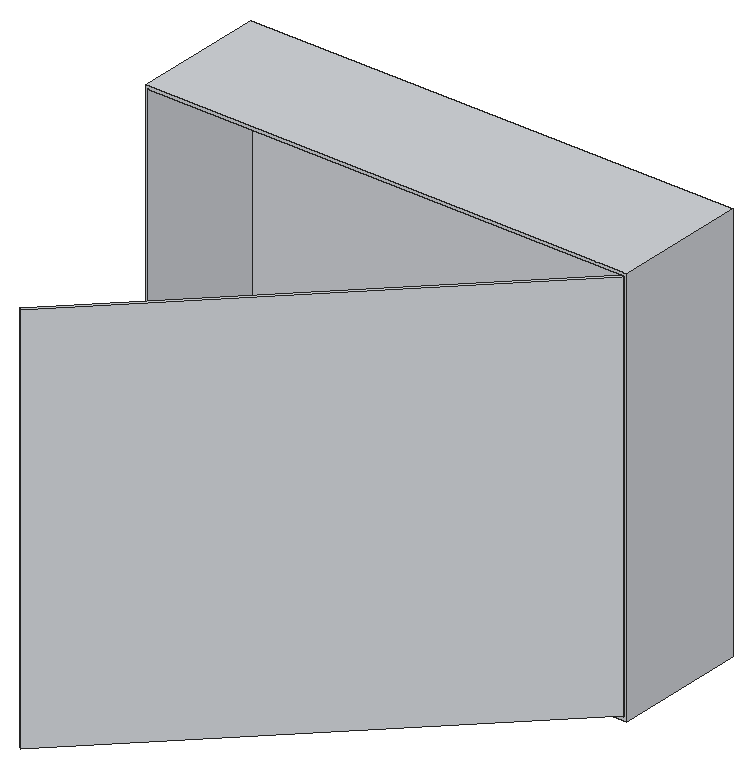
Revit family "Hager-Univers-IP41-vide-Saillie-NoHosted-CH-fr", category Electrical Equipment, Revit 2020
Family settings
  Panel Configuration = Two Columns, Circuits Across
  Round Connector Dimension = Use Diameter
  Part Type = Panelboard
  Work Plane-Based = Yes
  Always vertical = Yes
  Cut with Voids When Loaded = No
  Shared = No
  Room Calculation Point = No
Parameters (values of type "Saillie IP41 L540 H450 P148 0 Modules - FB3008SN")
  Width Control [instance] = if([HG000006 - Encastré], if([EF000846 - largeur d'encastrement] > min_whd, [EF000846 - largeur d'encastrement], min_whd), if([EF000008 - largeur] > min_whd, ([EF000008 - largeur]), min_whd))  # 540 mm
  Void Depth [instance] = if([EF000218 - profondeur d'encastrement] > 1 mm, [EF000218 - profondeur d'encastrement], 1 mm)  # 84 mm
  Type Comments = [HG000003 - Gamme]  # "Univers"
  System Height [instance] = Height Control - 2 * [HG000005 - Epaisseur]  # 444 mm
  Panel Name [instance] = ""  # (empty or 0)
  Offset [instance] = 0 mm
  Model = [HG000004 - Référence fabricant]  # "FB3008SN"
  Level Offset [instance] = [Flush Mounted - Door Frame Width] + Offset  # 0 mm
  HG000017 - Distance entre pôles = 18 mm
  HG000016 - Visibilité de la porte 3D [instance] = yes
  HG000015 - Visibilité de l'emprise de la porte [instance] = no
  HG000014 - Porte à droite [instance] = yes
  HG000013 - Porte à gauche [instance] = not([HG000014 - Porte à droite])  # no
  HG000012 - Angle de pivotement de la porte [instance] = 45.00°
  HG000011 - Rangées du bas vides = no
  HG000010 - Portes asymétriques = no
  HG000009 - Porte à double battant = no
  HG000008 - Nombre de rangées vides = 0
  HG000007 - Nombre de colonnes vides = 0
  HG000006 - Encastré = no
  HG000005 - Epaisseur = 3 mm  # constant formula
  HG000004 - Référence fabricant = "FB3008SN"
  HG000003 - Gamme = "Univers"
  HG000002 - avec porte = yes
  HG000001 - nombre de colonnes = 0
  EF015941 - porte pour transmission du signal = no
  EF015777 - borne à conducteur neutre = no
  EF015776 - borne de mise à la terre = no
  EF009212 - finition du couvercle = "EV000116 - fermé"
  EF006306 - avec serrure = no
  EF006244 - couvercle/porte transparent(e) = no
  EF005474 - indice de protection (IP) = "EV006416 - IP41"
  EF004462 - type de fermeture = ""
  EF002950 - largeur en nombre de modules = 0
  EF001596 - matériau du boîtier/corps = "EV000154 - autre"
  EF001134 - rail DIN = no
  EF001131 - profondeur intérieure = 84 mm
  EF001088 - possibilité de montage en saillie = no
  EF001062 - finition CEM = no
  EF000846 - largeur d'encastrement = 300 mm
  EF000339 - type de capot = "EV004216 - porte"
  EF000332 - hauteur d'encastrement = 0 mm
  EF000266 - nombre de rangées = 0
  EF000218 - profondeur d'encastrement = 84 mm
  EF000118 - avec cadre/support de montage = no
  EF000116 - numéro RAL = "9010"
  EF000049 - profondeur = 148 mm
  EF000040 - hauteur = 450 mm
  EF000008 - largeur = 540 mm
  EF000007 - couleur = "EV000202 - blanc"
  EF000003 - mode de pose = "EV000384 - saillie"
  Description = ""
  Default Elevation = 1219.2 mm
  Arrow Offset [instance] = Depth Control / 8  # 18.5 mm
  Arrow Height [instance] = Depth Control - Arrow Offset  # 129.5 mm
  Host Offset [instance] = if([HG000006 - Encastré], 0 mm, [EF000049 - profondeur])  # 148 mm
  min_whd [instance] = (2 * [HG000005 - Epaisseur]) + 1 mm  # 7 mm
  Manufacturer = "Hager"  # constant formula
  Height Control [instance] = if([HG000006 - Encastré], if([EF000332 - hauteur d'encastrement] > min_whd, [EF000332 - hauteur d'encastrement], min_whd), if([EF000040 - hauteur] > min_whd, ([EF000040 - hauteur]), min_whd))  # 450 mm
  Flush Mounted - Door Frame Width [instance] = if(([EF000040 - hauteur] - [EF000332 - hauteur d'encastrement]) > 0 mm, if([HG000006 - Encastré], [EF000040 - hauteur] - [EF000332 - hauteur d'encastrement], 0 mm), 0 mm)  # 0 mm
  Depth Control [instance] = if([HG000006 - Encastré], if([EF000218 - profondeur d'encastrement] > 0 mm, [EF000218 - profondeur d'encastrement], 1 mm), if([EF000049 - profondeur] > 0 mm, ([EF000049 - profondeur]), 1 mm))  # 148 mm
Types (3, lengths in mm): name | Width Control | System Height | Model | HG000004 - Référence fabricant | EF004462 - type de fermeture | EF000846 - largeur d'encastrement | EF000049 - profondeur | EF000040 - hauteur | EF000008 - largeur | Arrow Offset | Arrow Height | Host Offset | Height Control | Depth Control
  Saillie IP41 L350 H350 P128 0 Modules - FB2008LN | 350 | 344 | "FB2008LN" | "FB2008LN" | "EV000154 - autre" | 200 | 128 | 350 | 350 | 16 | 112 | 128 | 350 | 128
  Saillie IP41 L450 H450 P128 0 Modules - FB3008LN | 450 | 444 | "FB3008LN" | "FB3008LN" | "EV000154 - autre" | 300 | 128 | 450 | 450 | 16 | 112 | 128 | 450 | 128
  Saillie IP41 L540 H450 P148 0 Modules - FB3008SN | 540 | 444 | "FB3008SN" | "FB3008SN" | "" | 300 | 148 | 450 | 540 | 18.5 | 129.5 | 148 | 450 | 148
Reference planes
  plane 1 "Center (Front/Back)": y = 0
  plane 2: z = 0
  plane 3 "Center (Left/Right)": x = 0
  plane 4: y = 3
  plane 5: y = 0
  plane 6: y = 0
  plane 7: z = 0
  plane 8: x = -270
  plane 9: x = 270
  plane 10: x = 267
  plane 11: x = -267
  plane 12: z = 0
  plane 13: z = 3
  plane 14: y = -143
  plane 15: y = -148
  plane 16: y = -3
  plane 17: z = 447
  plane 18: z = 450
  plane 19: z = 225
  plane 20: x = 0
  plane 21: y = -100
Forms (mm)
  Extrusion 1, solid
    sketch origin (-208.679, -4572, 0) x (-1, 0, 0) y (0, -1, 0)
      loop
        line (61.321, -4424) -> (-478.679, -4424) -> (-478.679, -4572) -> (61.321, -4572) -> (61.321, -4424)
    from 0 to 450 <- "Height Control"
  Extrusion 2, void
    sketch origin (-350.771, -148, 1219.2) x (1, 0, 0) y (0, 0, 1)
      loop
        line (83.771, -772.2) -> (83.771, -1216.2) -> (617.771, -1216.2) -> (617.771, -772.2) -> (83.771, -772.2)
    from 0 to -145
  Extrusion 3, solid, detail levels coarse+medium
    sketch origin (-350.771, -148, 1219.2) x (-1, 0, 0) y (0, 0, 1)
      loop
        line (-83.771, -772.2) -> (-617.771, -772.2) -> (-617.771, -1216.2) -> (-83.771, -1216.2) -> (-83.771, -772.2)
    from 0 to 3 <- "HG000005 - Epaisseur"
Cuts and joins
  Extrusion 2 cuts Extrusion 1
Dimensions and locks
  "Flush Mounted - Door Frame Width": plane 1 "Center (Front/Back)" to plane 6
  "HG000005 - Epaisseur": plane 4 to plane 6
  "HG000005 - Epaisseur": plane 8 to plane 11
  "HG000005 - Epaisseur": plane 9 to plane 10
  equal spacing: plane 8, plane 3 "Center (Left/Right)", plane 9
  "Width Control": plane 8 to plane 9
  locked: plane 14 to plane 15 at 5
  "Host Offset": plane 1 "Center (Front/Back)" to plane 15
  "Depth Control": plane 5 to plane 15
  "HG000005 - Epaisseur": plane 5 to plane 16
  "HG000005 - Epaisseur": plane 13 to plane 12
  "Level Offset": plane 12 to level
  "HG000005 - Epaisseur": plane 18 to plane 17
  "Height Control": plane 18 to plane 12
  "Arrow Offset": plane 5 to nested 4
  equal spacing: plane 18, plane 19, plane 12
  locked: connector elem to plane 19
  locked: connector elem to plane 3 "Center (Left/Right)"
  aligned and locked: nested 1 to plane 14
  aligned and locked: plane 3 "Center (Left/Right)" to nested 1
  aligned and locked: plane 3 "Center (Left/Right)" to nested 2
  aligned and locked: nested 2 to plane 15
  aligned and locked: plane 5 to Extrusion 1
  aligned and locked: Extrusion 3 sketch curve to plane 17
  aligned and locked: Extrusion 3 sketch curve to plane 11
  aligned and locked: Extrusion 3 sketch curve to plane 13
  aligned and locked: Extrusion 3 sketch curve to plane 10
  aligned and locked: Extrusion 2 sketch curve to plane 13
  aligned and locked: Extrusion 2 sketch curve to plane 10
  aligned and locked: Extrusion 2 sketch curve to plane 17
  aligned and locked: Extrusion 2 sketch curve to plane 11
  aligned and locked: plane 16 to Extrusion 2
  aligned and locked: plane 5 to Extrusion 1 sketch curve
  aligned and locked: plane 9 to Extrusion 1 sketch curve
  aligned and locked: plane 8 to Extrusion 1 sketch curve
  aligned and locked: plane 8 to nested 4
  aligned and locked: plane 8 to nested 3
  aligned and locked: nested 3 to plane 5
  aligned and locked: Extrusion 1 sketch curve to plane 15
  aligned and locked: Extrusion 2 to plane 15
Nested families
  nested 1: "Hager_Enclosure_System" at (0, -143, 3), Flush_Mounted <- "HG000006 - Encastré", Width <- "EF000008 - largeur", Height <- "System Height", Width_Control <- "Width Control", Row_Module_Multiplicator <- "EF002950 - largeur en nombre de modules", Empty_Columns <- "HG000007 - Nombre de colonnes vides", Built-in_Width <- "EF000846 - largeur d'encastrement", Border <- "HG000005 - Epaisseur", Total_No_Empty_Rows <- "HG000008 - Nombre de rangées vides", Depth <- "HG000005 - Epaisseur", Empty_Rows_From_Bottom <- "HG000011 - Rangées du bas vides", Distance_Between_Poles <- "HG000017 - Distance entre pôles", Rows_Count <- "EF000266 - nombre de rangées", Columns_Count <- "HG000001 - nombre de colonnes", type "Hager_Enclosure_System", detail levels medium+fine
    with Width_Control 540 mm, Width 540 mm, Total_No_Rows 0, Total_No_Empty_Rows 0, Total_No_Columns 1, System_Width 534 mm, Rows_Count 0, Rows_Column 0, Row_Module_Multiplicator 0, Panel_4 no, Panel_3 no, Panel_2 no, Panel_1 no, No_Panels_Ctrl 1, Hide_Columns yes, Height 444 mm, Flush_Mounted no, Empty_Rows_From_Bottom no, Empty_Rows_Column 0, Empty_Columns 0, Distance_Between_Poles 18 mm, Depth 3 mm, Columns_Count 0, Column_Width 534 mm, Built-in_Width 300 mm, Border 3 mm
  nested 2: "Hager_Enclosure_Door" at (0, -148, 0), Double <- "HG000009 - Porte à double battant", Height_Ctrl <- "Height Control", Transparent <- "EF006244 - couvercle/porte transparent(e)", Depth <- "EF000049 - profondeur", Height <- "EF000040 - hauteur", Angle <- "HG000012 - Angle de pivotement de la porte", Door_Right <- "HG000014 - Porte à droite", Assymetrical <- "HG000010 - Portes asymétriques", Flush_Mounted <- "HG000006 - Encastré", BuiltIn_Depth <- "EF000218 - profondeur d'encastrement", BuiltIn_Width <- "EF000846 - largeur d'encastrement", Door <- "HG000002 - avec porte", Width_Ctrl <- "Width Control", 3d_Door <- "HG000016 - Visibilité de la porte 3D", Width <- "EF000008 - largeur", Border <- "HG000005 - Epaisseur", BuiltIn_Height <- "EF000332 - hauteur d'encastrement", Clearance <- "HG000015 - Visibilité de l'emprise de la porte", Door_Left <- "HG000013 - Porte à gauche", type "Hager_Enclosure_Door", detail levels medium+fine
    with min_wh 7 mm, Width_Ctrl 540 mm, Width 540 mm, Transparent_Door_No_Bottom_Border no, Transparent no, Leaf_Width 531 mm, Leaf_Tolerance 1.5 mm, Leaf_Height 441 mm, Leaf_2_Width 531 mm, Leaf_2_Offset 265.5 mm, Leaf_1_Width 531 mm, Leaf_1_Offset 265.5 mm, Height_Ctrl 450 mm, Height 450 mm, Frame_Width_Ctrl 240 mm, Frame_Width 240 mm, Frame_Internal_Offset 0 mm, Frame_Height_Ctrl 450 mm, Frame_Height 450 mm, Frame_Depth_Ctrl 1 mm, Frame_Depth 0 mm, Flush_Mounted no, Double_Clearance_Ctrl no, Double no, Door_Right_Ctrl yes, Door_Right yes, Door_Left_Ctrl no, Door_Left no, Door yes, Depth 148 mm, Clearance_Depth 531 mm, Clearance_Ctrl no, Clearance no, BuiltIn_Width 300 mm, BuiltIn_Height 0 mm, BuiltIn_Depth 84 mm, Border 3 mm, Assymetrical no, Angle 45.00°, 3d_Door yes
  nested 3: "Hager_Enclosure_Symbol_Triangle" at (-270, 0, 0), Depth <- "Depth Control", Width <- "Width Control", type "Hager_Enclosure_Symbol_Triangle"
    with Width_Ctrl 540 mm, Width 540 mm, Depth_Ctrl 148 mm, Depth 148 mm
  nested 4: "Hager_Enclosure_Symbol_Arrow" at (-270, -18.5, 0), Height <- "Arrow Height", type "Hager_Enclosure_Symbol_Arrow"
    with Width_Inside 9.713 mm, Width 116.55 mm, Height_Ctrl 129.5 mm, Height 129.5 mm
Connectors
  electrical at (0, 0, 225)
    settings: on plane 5, index 1, voltage 0 V, apparent load 0 VA, apparent load phase1 0 VA, apparent load phase2 0 VA, apparent load phase3 0 VA, power factor 1, load classification "Other", number of poles 1, system type 30, power factor state 1, is connector primary yes, connector utility no, sub classification motor no, connector description ""
Definition of nested family "Hager_Enclosure_Door"
  Parameters (values of type "Hager_Enclosure_Door")
    min_wh [instance] = (2 * Border) + 1 mm  # 11 mm
    Width_Ctrl [instance] = 400 mm
    Width [instance] = 500 mm
    Transparent_Door_No_Bottom_Border [instance] = no
    Transparent [instance] = yes
    Leaf_Width [instance] = if((Width_Ctrl - 2 * Border - 2 * Leaf_Tolerance) > 0 mm, (Width_Ctrl - 2 * Border - 2 * Leaf_Tolerance), min_wh)  # 387 mm
    Leaf_Tolerance [instance] = 1.5 mm  # constant formula
    Leaf_Height [instance] = if((Height_Ctrl - 2 * Border - 2 * Leaf_Tolerance) > 0 mm, (Height_Ctrl - 2 * Border - 2 * Leaf_Tolerance), min_wh)  # 387 mm
    Leaf_2_Width [instance] = if(and(and(Double, Assymetrical), Door_Left), (Leaf_Width / 3) - (Leaf_Tolerance / 2), if(and(and(Double, Assymetrical), Door_Right), (Leaf_Width / 3) * 2 - (Leaf_Tolerance / 2), if(and(Double, not(Assymetrical)), (Leaf_Width / 2) - Leaf_Tolerance, Leaf_Width)))  # 387 mm
    Leaf_2_Offset [instance] = if(and(Double, Assymetrical), Leaf_2_Width / 2, if(and(Double, not(Assymetrical)), Leaf_Width / 4, Leaf_Width / 2))  # 193.5 mm
    Leaf_1_Width [instance] = if(and(and(Double, Assymetrical), Door_Right), (Leaf_Width / 3) - (Leaf_Tolerance / 2), if(and(and(Double, Assymetrical), Door_Left), (Width / 3) * 2 - (Leaf_Tolerance / 2), if(and(Double, not(Assymetrical)), (Leaf_Width / 2) - Leaf_Tolerance, Leaf_Width)))  # 387 mm
    Leaf_1_Offset [instance] = if(and(Double, Assymetrical), Leaf_1_Width / 2, if(and(Double, not(Assymetrical)), Leaf_Width / 4, Leaf_Width / 2))  # 193.5 mm
    Height_Ctrl [instance] = 400 mm
    Height [instance] = 500 mm
    Frame_Width_Ctrl [instance] = if(Frame_Width > 0 mm, Frame_Width, 1 mm)  # 1 mm
    Frame_Width [instance] = Width - BuiltIn_Width  # 0 mm
    Frame_Internal_Offset [instance] = if(Flush_Mounted, Border, 0 mm)  # 5 mm
    Frame_Height_Ctrl [instance] = if(Frame_Height > 0 mm, Frame_Height, 1 mm)  # 1 mm
    Frame_Height [instance] = Height - BuiltIn_Height  # 0 mm
    Frame_Depth_Ctrl [instance] = if(Frame_Depth > 0 mm, Frame_Depth, 1 mm)  # 1 mm
    Frame_Depth [instance] = if(Depth - BuiltIn_Depth > 0 mm, if(Flush_Mounted, Depth - BuiltIn_Depth, 0 mm), 0 mm)  # 0 mm
    Flush_Mounted [instance] = yes
    Double_Clearance_Ctrl [instance] = and(Double, Clearance)  # no
    Double [instance] = no
    Door_Right_Ctrl [instance] = and(or(Door_Right, Double), Door)  # yes
    Door_Right [instance] = yes
    Door_Left_Ctrl [instance] = and(or(Door_Left, Double), Door)  # no
    Door_Left [instance] = no
    Door [instance] = yes
    Depth [instance] = 500 mm
    Default Elevation = 1219.2 mm
    Clearance_Material = none
    Clearance_Depth [instance] = if(Leaf_1_Width > Leaf_2_Width, Leaf_1_Width, Leaf_2_Width)  # 387 mm
    Clearance_Ctrl [instance] = and(not(Double), Clearance)  # yes
    Clearance [instance] = yes
    BuiltIn_Width [instance] = 500 mm
    BuiltIn_Height [instance] = 500 mm
    BuiltIn_Depth [instance] = 500 mm
    Border [instance] = 5 mm
    Assymetrical [instance] = yes
    Angle [instance] = 30.00°
    3d_Door [instance] = yes
  Reference planes
    plane 1 "Center (Front/Back)": y = 0
    plane 2 "Bottom": z = 0
    plane 3 "Center (Left/Right)": x = 0
    plane 4: z = 400
    plane 5: x = -200
    plane 6: x = 200
    plane 7: z = 395
    plane 8: x = -195
    plane 9: z = 5
    plane 10: x = 195
    plane 11: y = 0
    plane 12: z = 6.5
    plane 13: x = -582
    plane 14: y = -387
    plane 15: x = 582
    plane 16: x = 0
    plane 17: x = 0
    plane 18: x = -193.5
    plane 19: x = 193.5
    plane 20: z = 393.5
  Forms (mm)
    Extrusion 1, solid, visible <- "Flush_Mounted"
      sketch origin (0, 0, 0) x (1, 0, 0) y (0, 0, 1)
        loop
          line (195, 5) -> (195, 395) -> (-195, 395) -> (-195, 5) -> (195, 5)
        loop
          line (-201, 401) -> (-201, -1) -> (201, -1) -> (201, 401) -> (-201, 401)
      from 0 to 1 <- "Frame_Depth_Ctrl"
    Extrusion 2, solid, material <- "Clearance_Material", visible <- "Double_Clearance_Ctrl"
      sketch origin (1200, 0, 0) x (1, 0, 0) y (0, 0, -1)
        loop
          line (-1782, -393.5) -> (-618, -393.5) -> (-618, 0) -> (-1782, 0) -> (-1782, -393.5)
      from 0 to -387
  Dimensions and locks
    equal spacing: plane 5, plane 3 "Center (Left/Right)", plane 6
    "Width_Ctrl": plane 5 to plane 6
    "Border": plane 5 to plane 8
    "Border": plane 6 to plane 10
    "Border": plane 9 to level
    "Border": plane 4 to plane 7
    "Height_Ctrl": plane 4 to level
    "Leaf_Tolerance": plane 12 to plane 9
    "Frame_Depth": plane 11 to plane 1 "Center (Front/Back)"
    "Frame_Width_Ctrl": plane 5 to Extrusion 1 sketch curve
    "Frame_Width_Ctrl": plane 6 to Extrusion 1 sketch curve
    "Frame_Width_Ctrl": Extrusion 1 sketch curve to plane 4
    "Frame_Width_Ctrl": plane 2 "Bottom" to Extrusion 1 sketch curve
    "Leaf_1_Offset": plane 18 to plane 16
    "Leaf_2_Offset": plane 17 to plane 19
    "Leaf_1_Width": plane 13 to plane 8
    "Leaf_2_Width": plane 10 to plane 15
    "Clearance_Depth": plane 14 to plane 1 "Center (Front/Back)"
    "Leaf_Tolerance": plane 8 to plane 18
    "Leaf_Tolerance": plane 19 to plane 10
    "Leaf_Tolerance": plane 7 to plane 20
    "Frame_Internal_Offset": plane 5 to Extrusion 1 sketch curve
    "Frame_Internal_Offset": Extrusion 1 sketch curve to plane 2 "Bottom"
    "Frame_Internal_Offset": plane 6 to Extrusion 1 sketch curve
    "Frame_Internal_Offset": plane 4 to Extrusion 1 sketch curve
    aligned and locked: level to plane 2 "Bottom"
    aligned and locked: nested 1 to plane 16
    aligned and locked: nested 2 to plane 17
    aligned and locked: Extrusion 2 to plane 13
    aligned and locked: plane 15 to Extrusion 2
    aligned and locked: Extrusion 2 to plane 14
    aligned and locked: plane 12 to nested 1
    aligned and locked: nested 2 to plane 12
    aligned and locked: Extrusion 2 to plane 11
    aligned and locked: plane 20 to Extrusion 2
    aligned and locked: nested 2 to plane 11
    aligned and locked: nested 1 to plane 11
  Automatic sketch dimensions
    Extrusion 2 sketch curve to level = 0 mm
    plane 5 to Extrusion 2 sketch curve = 382 mm
    plane 6 to Extrusion 2 sketch curve = 382 mm
    Extrusion 2 sketch curve to plane 4 = 6.5 mm
  Nested families
    nested 1: "Hager_Enclosure_Door_Leaf" at (0, 0, 6.5), Width <- "Leaf_1_Width", visible <- "Door_Left_Ctrl", Leaf_Height <- "Leaf_Height", Angle <- "Angle", Depth <- "Border", 3d_Door <- "3d_Door", Transparent <- "Transparent", Clearance Material <- "Clearance_Material", Clearance <- "Clearance_Ctrl", Transparent_Door_No_Bottom_Border <- "Transparent_Door_No_Bottom_Border", type "Hager_Enclosure_Door_Leaf"
      with Width 387 mm, Transparent_Door_No_Bottom_Border no, Transparent_Door_Border_Bottom_Top 25 mm, Transparent_Door_Border 25 mm, Transparent_Ctrl yes, Transparent yes, Standard no, Leaf_Height 387 mm, Glass_Offset 1 mm, Depth 5 mm, Clearance Material none, Clearance yes, Angle_Ctrl 30.00°, Angle 30.00°, 3d_Door yes
    nested 2: "Hager_Enclosure_Door_Leaf" at (0, 0, 6.5) x (-1, 0, 0) z (0, 0, 1), Width <- "Leaf_2_Width", visible <- "Door_Right_Ctrl", Leaf_Height <- "Leaf_Height", Angle <- "Angle", Depth <- "Border", 3d_Door <- "3d_Door", Transparent <- "Transparent", Clearance Material <- "Clearance_Material", Clearance <- "Clearance_Ctrl", Transparent_Door_No_Bottom_Border <- "Transparent_Door_No_Bottom_Border", type "Hager_Enclosure_Door_Leaf"
      with Width 387 mm, Transparent_Door_No_Bottom_Border no, Transparent_Door_Border_Bottom_Top 25 mm, Transparent_Door_Border 25 mm, Transparent_Ctrl yes, Transparent yes, Standard no, Leaf_Height 387 mm, Glass_Offset 1 mm, Depth 5 mm, Clearance Material none, Clearance yes, Angle_Ctrl 30.00°, Angle 30.00°, 3d_Door yes
  Definition of nested family "Hager_Enclosure_Door_Leaf"
    Parameters (values of type "Hager_Enclosure_Door_Leaf")
      Width [instance] = 2000 mm
      Transparent_Door_No_Bottom_Border [instance] = yes
      Transparent_Door_Border_Bottom_Top [instance] = if(Transparent_Door_No_Bottom_Border, 0.1 mm, Transparent_Door_Border)  # 0.1 mm
      Transparent_Door_Border [instance] = if(Transparent_Door_No_Bottom_Border, (Width * 0.12), 25 mm)  # 240 mm
      Transparent_Ctrl [instance] = and(Transparent, [3d_Door])  # yes
      Transparent [instance] = yes
      Standard [instance] = and(not(Transparent), [3d_Door])  # no
      Leaf_Height [instance] = 2720.336 mm
      Glass_Offset [instance] = if((Depth - 10 mm) / 2 > 0 mm, (Depth - 10 mm) / 2, 1 mm)  # 15 mm
      Glass_Material = none
      Depth [instance] = 40 mm
      Default Elevation = 0 mm
      Clearance Material [instance] = none
      Clearance [instance] = yes
      Angle_Ctrl [instance] = if(Angle > 170.00°, 170.00°, Angle)  # 45.00°
      Angle [instance] = 45.00°
      3d_Door [instance] = yes
    Reference planes
      plane 1 "Center (Front/Back)": y = 0
      plane 2: z = 0
      plane 3 "Center (Left/Right)": x = 0
      plane 4: y = 2000
      plane 5: x = -1000
      plane 6: x = 1000
      plane 7: x = -3000
      plane 8: z = 2720.336
      plane 9: z = 0.1
      plane 10: z = 2720.236
      plane 11: x = 760
      plane 12: x = -760
    Forms (mm)
      Extrusion 1, solid, material <- "Clearance Material", visible <- "Clearance"
        sketch origin (0, 0, 0) x (1, 0, 0) y (0, 0, 1)
          loop
            line (-3000, 2720.336) -> (-3000, 0) -> (1000, 0) -> (1000, 2720.336) -> (-3000, 2720.336)
        from 0 to -2000
      Extrusion 2, solid, visible <- "Standard", detail levels medium+fine
        sketch origin (-1000, 0, 0) x (0.707107, 0.707107, 0) y (-0.707107, 0.707107, 0)
          loop
            line (0, -40) -> (2000, -40) -> (2000, 0) -> (0, 0) -> (0, -40)
        from 0 to 2720.336 <- "Leaf_Height"
      Extrusion 3, solid, visible <- "Transparent_Ctrl", detail levels medium+fine
        sketch origin (-1000, 0, 0) x (0.707107, 0.707107, 0) y (-0.707107, 0.707107, 0)
          loop
            line (0, -40) -> (2000, -40) -> (2000, 0) -> (0, 0) -> (0, -40)
        from 0 to 2720.336 <- "Leaf_Height"
      Extrusion 4, void, detail levels medium+fine
        sketch origin (-1000, 0, 0) x (-0.707107, 0.707107, 0) y (0.707107, 0.707107, 0)
          loop
            line (0, 240) -> (0, 1760) -> (-40, 1760) -> (-40, 240) -> (0, 240)
        from -2720.236 to -0.1
      Extrusion 5, solid, material <- "Glass_Material", visible <- "Transparent_Ctrl", detail levels medium+fine
        sketch origin (-1000, 0, 0) x (0.707107, 0.707107, 0) y (-0.707107, 0.707107, 0)
          loop
            line (240, -15) -> (240, -25) -> (1760, -25) -> (1760, -15) -> (240, -15)
        from 0.1 to 2720.236
    Cuts and joins
      Extrusion 4 cuts Extrusion 3
    Lines and regions (mm)
      symbolic lines
        curve 1: line (1000, 0, 0) -> (-3000, 0, 0)
        curve 2: arc (1000, 0, 0) -> (-1000, 2000, 0) -> (-3000, 0, 0) r 2000
        curve 4: line (-1000, 0, 0) -> (414.214, 1414.214, 0)
      reference lines
        curve 3: line (-1000, 0, 0) -> (414.214, 1414.214, 0)
      symbolic lines, detail levels medium+fine
        curve 5: line (414.214, 1414.214, 0) -> (442.498, 1385.929, 0)
        curve 6: line (442.498, 1385.929, 0) -> (-971.716, -28.284, 0)
        curve 7: line (-971.716, -28.284, 0) -> (-1000, 0, 0)
        curve 8: line (-1000, 0, 2720.336) -> (1000, 0, 2720.336)
        curve 9: line (-1000, 0, 0) -> (-1000, 0, 2720.336)
        curve 10: line (1000, 0, 0) -> (-1000, 0, 0)
        curve 11: line (1000, 0, 2720.336) -> (1000, 0, 0)
      symbolic lines, visible <- "Transparent_Ctrl", detail levels medium+fine
        curve 12: line (-760, 0, 2720.236) -> (760, 0, 2720.236)
        curve 13: line (-760, 0, 0.1) -> (-760, 0, 2720.236)
        curve 14: line (760, 0, 0.1) -> (-760, 0, 0.1)
        curve 15: line (760, 0, 2720.236) -> (760, 0, 0.1)
    Dimensions and locks
      "Width": plane 1 "Center (Front/Back)" to plane 4
      equal spacing: plane 5, plane 3 "Center (Left/Right)", plane 6
      "Width": plane 5 to plane 6
      "Width": plane 7 to plane 5
      "Leaf_Height": plane 8 to level
      "Depth": curve 6 to curve 3
      "Width": curve 5 to curve 3
      "Width": curve 3 to curve 3
      "Transparent_Door_Border": Extrusion 4 sketch curve to curve 7
      "Transparent_Door_Border": Extrusion 4 sketch curve to curve 5
      "Transparent_Door_Border_Bottom_Top": plane 8 to plane 10
      "Transparent_Door_Border_Bottom_Top": plane 9 to level
      "Glass_Offset": Extrusion 5 sketch curve to curve 4
      "Glass_Offset": Extrusion 5 sketch curve to curve 6
      "Transparent_Door_Border": Extrusion 5 sketch curve to curve 5
      "Transparent_Door_Border": Extrusion 5 sketch curve to curve 7
      "Transparent_Door_Border": plane 12 to plane 5
      "Transparent_Door_Border": plane 6 to plane 11
      "Angle_Ctrl": angle plane 1 "Center (Front/Back)" to curve 3
      aligned and locked: level to plane 2
      aligned and locked: Extrusion 1 to curve 1
      aligned and locked: plane 6 to Extrusion 1
      aligned and locked: Extrusion 1 to plane 1 "Center (Front/Back)"
      aligned and locked: plane 4 to Extrusion 1
      aligned and locked: plane 8 to Extrusion 1
      aligned and locked: curve 4 to curve 3
      aligned and locked: Extrusion 2 sketch curve to curve 7
      aligned and locked: Extrusion 2 sketch curve to curve 6
      aligned and locked: Extrusion 2 sketch curve to curve 5
      aligned and locked: Extrusion 2 sketch curve to curve 3
      aligned and locked: curve 7 to Extrusion 3 sketch curve
      aligned and locked: Extrusion 3 sketch curve to curve 4
      aligned and locked: Extrusion 3 sketch curve to curve 6
      aligned and locked: Extrusion 3 sketch curve to curve 5
      aligned and locked: curve 4 to Extrusion 4 sketch curve
      aligned and locked: curve 6 to Extrusion 4 sketch curve
      aligned and locked: Extrusion 4 to plane 9
      aligned and locked: Extrusion 4 to plane 10
      aligned and locked: Extrusion 5 to plane 9
      aligned and locked: Extrusion 5 to plane 10
      aligned and locked: curve 8 to plane 8
      aligned and locked: plane 5 to curve 9
      aligned and locked: plane 2 to curve 10
      aligned and locked: curve 11 to plane 6
      aligned and locked: plane 10 to curve 12
      aligned and locked: plane 12 to curve 13
      aligned and locked: curve 14 to plane 9
      aligned and locked: plane 11 to curve 15
    Automatic sketch dimensions
      plane 1 "Center (Front/Back)" to curve 2 = 0 mm
      curve 2 to plane 5 = 0 mm
      Extrusion 1 sketch curve to level = 0 mm
      Extrusion 1 sketch curve to plane 7 = 0 mm
      Extrusion 1 sketch curve to plane 6 = 0 mm
      Extrusion 1 sketch curve to plane 8 = 0 mm
      plane 1 "Center (Front/Back)" to curve 3 = 0 mm
      curve 3 to plane 5 = 0 mm
      curve 7 to curve 3 = 0 mm
Definition of nested family "Hager_Enclosure_Symbol_Triangle"
  Parameters (values of type "Hager_Enclosure_Symbol_Triangle")
    Width_Ctrl [instance] = if(Width > 1 mm, Width, 1 mm)  # 498 mm
    Width [instance] = 498 mm
    Depth_Ctrl [instance] = if(Depth > 1 mm, Depth, 1 mm)  # 72 mm
    Depth [instance] = 72 mm
  Reference planes
    plane 1 "Centre (avant/arrière)": y = 0
    plane 2: z = 0
    plane 3 "Centre (gauche/droite)": x = 0
  Lines and regions (mm)
    Filled region 1, type "Solid_Black", in view "Niveau de réf."
      outline origin (0, 0, 0) x (1, 0, 0) y (0, 1, 0)
        loop
          line (0, 0) -> (498, 0) -> (498, 72) -> (0, 0)
    reference lines, in view "Niveau de réf."
      curve 1: line (-206.153, 72, 0) -> (1083.258, 72, 0)
      curve 2: line (498, 405.456, 0) -> (498, -517.619, 0)
  Dimensions and locks
    "Depth_Ctrl": plane 1 "Centre (avant/arrière)" to curve 1
    "Width_Ctrl": plane 3 "Centre (gauche/droite)" to curve 2
    aligned and locked: curve 1 to Filled region 1 sketch curve
    aligned and locked: Filled region 1 sketch curve to plane 1 "Centre (avant/arrière)"
    aligned and locked: curve 2 to Filled region 1 sketch curve
    aligned and locked: plane 3 "Centre (gauche/droite)" to Filled region 1 sketch curve
    aligned and locked: plane 1 "Centre (avant/arrière)" to Filled region 1 sketch curve
  Automatic sketch dimensions
    curve 1 to plane 3 "Centre (gauche/droite)" = 206.153 mm
    curve 2 to curve 1 = 585.258 mm
    plane 1 "Centre (avant/arrière)" to curve 2 = 517.619 mm
    curve 2 to plane 1 "Centre (avant/arrière)" = 405.456 mm
Definition of nested family "Hager_Enclosure_Symbol_Arrow"
  Parameters (values of type "Hager_Enclosure_Symbol_Arrow")
    Width_Inside [instance] = if(Width / 12 > 2 mm, Width / 12, 2 mm)  # 4.987 mm
    Width [instance] = if(Height_Ctrl * 0.9 > 2 mm, Height_Ctrl * 0.9, 2 mm)  # 59.85 mm
    Height_Ctrl [instance] = if(Height > 2 mm, Height, 2 mm)  # 66.5 mm
    Height [instance] = 66.5 mm
  Reference planes
    plane 1 "Centre (avant/arrière)": y = 0
    plane 2: z = 0
    plane 3 "Centre (gauche/droite)": x = 0
    plane 4: x = 59.85
    plane 5: y = 28.263
    plane 6: y = 38.238
    plane 7: y = 66.5
    plane 8: x = 29.925
    plane 9: y = 33.25
  Lines and regions (mm)
    Filled region 1, type "Solid_Black", in view "Niveau de réf."
      outline origin (0, 0, 0) x (1, 0, 0) y (0, 1, 0)
        loop
          line (59.85, 66.5) -> (37.929, 52.827) -> (51.846, 41.935) -> (59.85, 66.5)
    detail lines, in view "Niveau de réf."
      curve 1: line (0, 0, 0) -> (29.925, 38.238, 0)
      curve 2: line (29.925, 38.238, 0) -> (29.925, 28.263, 0)
      curve 3: line (29.925, 28.263, 0) -> (59.85, 66.5, 0)
  Dimensions and locks
    "Width": plane 3 "Centre (gauche/droite)" to plane 4
    "Height_Ctrl": plane 7 to plane 1 "Centre (avant/arrière)"
    equal spacing: plane 3 "Centre (gauche/droite)", plane 8, plane 4
    equal spacing: plane 7, plane 9, plane 1 "Centre (avant/arrière)"
    equal spacing: plane 6, plane 9, plane 5
    "Width_Inside": plane 6 to plane 9
    equal spacing: curve 3, Filled region 1 sketch curve, Filled region 1 sketch curve
    angle Filled region 1 sketch curve to curve 3 = 20.00°
    angle curve 3 to Filled region 1 sketch curve = 20.00°
    locked: curve 3 to Filled region 1 sketch curve (angle 90.00°)
  Automatic sketch dimensions
    plane 1 "Centre (avant/arrière)" to curve 1 = 0 mm
    curve 1 to plane 3 "Centre (gauche/droite)" = 0 mm
    curve 2 to plane 6 = 0 mm
    curve 3 to plane 8 = 0 mm
    curve 3 to plane 4 = 0 mm
    curve 2 to plane 5 = 0 mm
    curve 3 to plane 7 = 0 mm
    Filled region 1 sketch curve to plane 4 = 0 mm
    Filled region 1 sketch curve to plane 7 = 0 mm
